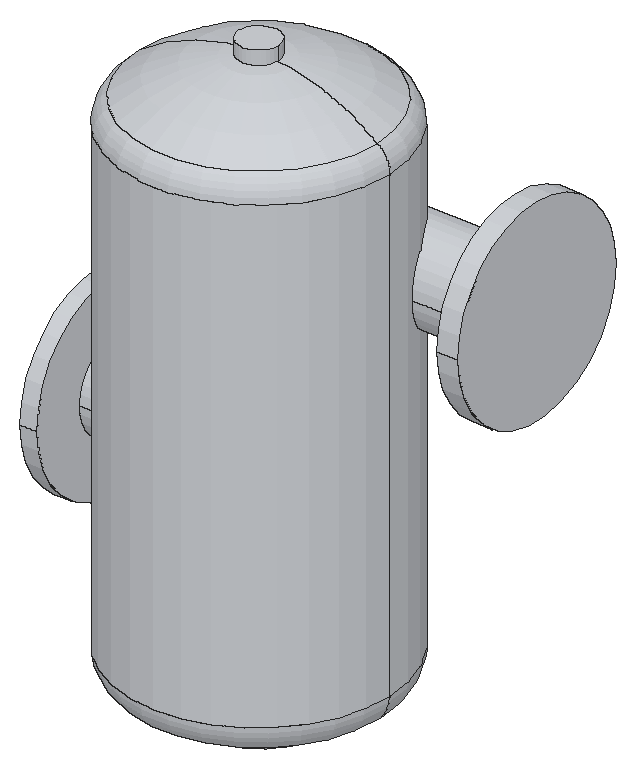
Revit family
Parameters (values of type "3-AS-L 125# W.P.")
  Weight = "70 lbs"
  Top to Inlet = 7.375"
  Top Connection Radius = 0.375"
  Top Connection Diameter = Top Connection Radius * 2  # 0.750"
  Tangential = yes
  Tank Height = 22.688"
  Tank Diameter = 10.000"
  Pipe Location off CL = 3.000"
  Outlet Pipe Flange Conn. Radius = Outlet Pipe Flange Conn / 2  # 1.500"
  Outlet Pipe Flange Conn = 3.000"
  Model = "3\"-AS"
  Pressure Drop = ".48"
  Max Operating Temp = "350 DEG F"
  Max Operating Pressure = "125 PSI"
  Manufacturer = "Amtrol"
  Inlet CL to Outlet CL = 8.000"
  Inlet Pipe Flange Conn = 3.000"
  Inlet Pipe Flange Conn. Radius = Inlet Pipe Flange Conn / 2  # 1.500"
  Flow (GPM) = "137"
  Flange to Flange Height = 16.313"
  CL to Outlet Flange = 8.500"
  Bottom Connection Radius = Bottom Connection Diameter / 2  # 0.375"
  Bottom Connection Diameter = 0.750"
  ASME = yes
Types (4): name | Max Operating Pressure
  (no name) | "125 PSI"
  3-AS-L 125# W.P. | "125 PSI"
  3-AS-L 150# W.P. 10 BAR | "150 PSI"
  3-AS-L 300# W.P. | "300 PSI"
Reference planes (in)
  plane 1 "Center (Front/Back)": y = 0
  plane 2: z = 0
  plane 3 "Center (Left/Right)": x = 0
Forms (in)
  Revolve 1, solid
    sketch origin (0, 0, 0) x (1, 0, 0) y (0, 0, 1)
      loop
        line (0, 23.17548) -> (0, 0.48748)
        arc (0, 0.48748) -> (2.3562, 0.86066) -> (4.48177, 1.94366) r 7.625
        arc (4.48177, 1.94366) -> (4.85024, 2.37596) -> (5.00004, 2.92386) r 1.30442
        line (5.00004, 2.92386) -> (5.00004, 20.77392)
        arc (5.00004, 20.77392) -> (4.87779, 21.2809) -> (4.53792, 21.67644) r 1.11237
        arc (4.53792, 21.67644) -> (2.38955, 22.79102) -> (0, 23.17548) r 7.61816
      axis (0, 0.48748) -> (0, 23.17548)
    angle from 0 to 360
  Extrusion 2, solid
    sketch origin (0, 0, -1.34886) x (0, 1, 0) y (0, 0, 1)
      loop
        circle (3, 17.22591) r 1.75
    from 2.04863 to 7.4038
  Extrusion 3, solid
    sketch origin (1.26407, 0, 1.33708) x (0, 1, 0) y (0, 0, 1)
      loop
        circle (3, 6.46942) r 1.75
    from -9.13136 to -1.26407
  Extrusion 4, solid
    sketch origin (0, 0, 0) x (0, 1, 0) y (0, 0, 1)
      loop
        circle (3, 15.9037) r 3.75
    from 7.4038 to 8.20373
  Extrusion 5, solid
    sketch origin (0, 0, 0) x (0, 1, 0) y (0, 0, 1)
      loop
        circle (3, 7.8065) r 3.75
    from -7.86729 to -8.5
  Sweep 6, solid
    path origin (0, 0, 0) x (1, 0, 0) y (0, 0, 1)
      loop
        line (0, 23.1815) -> (0, 23.6875)
    profile origin (0, 0, 23.4345) x (-1, 0, 0) y (0, -1, 0)
      loop
        circle (0, 0) r 0.75
  Sweep 7, solid
    path origin (0, 0, 0) x (1, 0, 0) y (0, 0, 1)
      loop
        line (0, 0) -> (0, 0.5538)
    profile origin (0, 0, 0.2769) x (-1, 0, 0) y (0, -1, 0)
      loop
        circle (0, 0) r 0.75
Lines and regions (in)
  reference lines
    curve 1: line (8.65956, 0, 15.875) -> (0, 0, 15.875)
Text (in)
  text "INLET" at (11.05624, 0, 17.22368), in view "Front"
  text "OUTLET" at (-19.15084, 0, 8.92051), in view "Front"
Dimensions and locks (in)
  "Tank Height": Revolve 1 sketch curve to Revolve 1 sketch curve
  Revolve 1 sketch curve to Revolve 1 sketch curve = 6.50591"
  Revolve 1 sketch curve to level = 0.48748"
  "Pipe Location off CL": plane 1 "Center (Front/Back)" to Extrusion 2 sketch curve
  "Pipe Location off CL": plane 1 "Center (Front/Back)" to Extrusion 3 sketch curve
  "Pipe Location off CL": Extrusion 5 sketch curve to plane 1 "Center (Front/Back)"
  "Pipe Location off CL": Extrusion 4 sketch curve to plane 1 "Center (Front/Back)"
  "CL to Outlet Flange": Extrusion 5 to plane 3 "Center (Left/Right)"
  Revolve 1 sketch curve to Revolve 1 sketch curve = 5.00004"
  locked: Sweep 6 to Extrusion 5 sketch curve at 15.375
  locked: Sweep 6 to Extrusion 3 sketch curve at 15.375
  aligned and locked: plane 3 "Center (Left/Right)" to Extrusion 3
  aligned and locked: Extrusion 3 to Extrusion 5
Automatic sketch dimensions
  level to Extrusion 2 sketch curve = 15.87705"
  curve 1 to plane 3 "Center (Left/Right)" = 0.000"
  curve 1 to curve 1 = 8.65956"
  level to Extrusion 4 sketch curve = 15.9037"
  Sweep 6 sketch curve to plane 3 "Center (Left/Right)" = 0.000"
  level to Sweep 6 sketch curve = 23.1815"
  Sweep 6 sketch curve to Sweep 6 sketch curve = 0.506"
  plane 1 "Center (Front/Back)" to Sweep 6 sketch curve = 0.000"
  Sweep 6 sketch curve to profile plane = 0.000"
  Sweep 7 sketch curve to plane 3 "Center (Left/Right)" = 0.000"
  Sweep 7 sketch curve to level = 0.000"
  level to Sweep 7 sketch curve = 0.5538"
  plane 1 "Center (Front/Back)" to Sweep 7 sketch curve = 0.000"
  Sweep 7 sketch curve to profile plane = 0.000"
  Revolve 1 sketch curve to plane 3 "Center (Left/Right)" = 0.000"  (x2)
  Revolve 1 sketch curve to Revolve 1 sketch curve = 1.30295"
  Revolve 1 sketch curve to Revolve 1 sketch curve = 1.11237"
  Revolve 1 sketch curve to Revolve 1 sketch curve = 0.51826"
  Revolve 1 sketch curve to Revolve 1 sketch curve = 0.65025"
  Revolve 1 sketch curve to level = 0.06771"
  level to Revolve 1 sketch curve = 1.94366"
  Revolve 1 sketch curve to Revolve 1 sketch curve = 0.9802"
  Revolve 1 sketch curve to Revolve 1 sketch curve = 2.01931"
  level to curve 1 = 15.875"
  radius of Extrusion 2 sketch curve = 1.750"
  radius of Extrusion 3 sketch curve = 1.750"
  radius of Extrusion 4 sketch curve = 3.750"
  radius of Extrusion 5 sketch curve = 3.750"
  radius of Sweep 6 sketch curve = 0.750"
  radius of Sweep 7 sketch curve = 0.750"
Connectors (in)
  piping at (8.20373, 3, 15.9037), driven by "Inlet Pipe Flange Conn. Radius"
    settings: on Extrusion 4, index 1
  piping at (0, 0, 23.6875), driven by "Top Connection Radius"
    settings: on Sweep 6, index 3
  piping at (-8.5, 3, 7.8065), driven by "Outlet Pipe Flange Conn. Radius"
    settings: on Extrusion 5, index 4
  piping at (0, 0, 0), driven by "Bottom Connection Radius"
    settings: on Sweep 7, index 5
